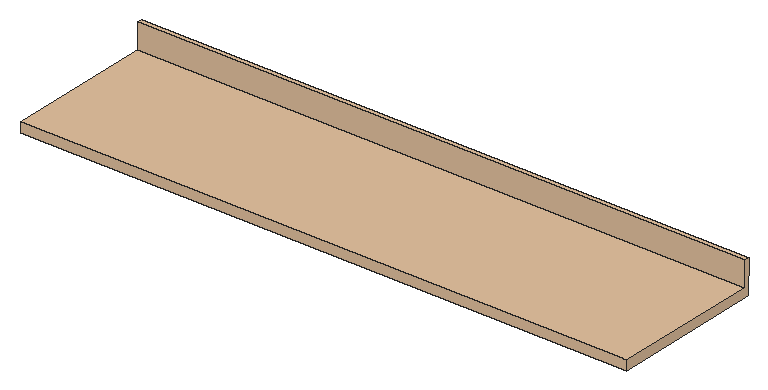
Revit family "Counter Top (NZ)", category 케이스워크, Revit 2026
Family settings
  작업 기준면 기반 = 아니오
  항상 수직 = 예
  로드될 때 보이드를 사용하여 절단 = 아니오
  공유 = 예
  룸 계산 점 = 아니오
Parameters (values of type "600mm Depth")
  기본 높이 = 0 mm
  Counter Thickness = 40 mm
  Counter Top Material = none
  깊이 = 625 mm
  Height [instance] = 900 mm
  Length [instance] = 2500 mm
  Assembly Code = ""
Reference planes
  plane 1 "Back": y = 0
  plane 2: z = 0
  plane 3 "Left": x = -1200.462
  plane 4 "Right": x = 1299.538
  plane 5 "Front": y = -625
  plane 6 "Top": z = 900
  plane 7: z = 860
  plane 8: y = -19.05
  plane 9: z = 1001.6
Forms (mm)
  Extrusion 1, solid, material <- "Counter Top Material"
    sketch origin (0, 0, 0) x (1, 0, 0) y (0, 1, 0)
      loop
        line (-1200.462, 0) -> (-1200.462, -625) -> (1299.538, -625) -> (1299.538, 0) -> (-1200.462, 0)
    from 860 to 900
  Extrusion 2, solid, material <- "Counter Top Material"
    sketch origin (0, 0, 0) x (1, 0, 0) y (0, 1, 0)
      loop
        line (1299.538, 0) -> (-1200.462, 0) -> (-1200.462, -19.05) -> (1299.538, -19.05) -> (1299.538, 0)
    from 900 to 1001.6
Cuts and joins
  joined: Extrusion 1, Extrusion 2
Lines and regions (mm)
  Masking region 1
    outline origin (0, 0, 0) x (1, 0, 0) y (0, 1, 0)
      loop
        line (-1200.462, -625) -> (1299.538, -625) -> (1299.538, 0) -> (-1200.462, 0) -> (-1200.462, -625)
  symbolic lines, style "Casework"
    curve 1: line (-1200.462, -19.05, 0) -> (1299.538, -19.05, 0)
Dimensions and locks
  "깊이": plane 5 "Front" to plane 1 "Back"
  "Length": plane 3 "Left" to plane 4 "Right"
  "Height": level to plane 6 "Top"
  "Counter Thickness": plane 7 to plane 6 "Top"
  locked: plane 8 to plane 1 "Back" at 19.05
  plane 6 "Top" to plane 9 = 101.6 mm
  aligned and locked: plane 1 "Back" to Extrusion 1 sketch curve
  aligned and locked: plane 4 "Right" to Extrusion 1 sketch curve
  aligned and locked: Extrusion 1 sketch curve to plane 5 "Front"
  aligned and locked: Extrusion 1 sketch curve to plane 3 "Left"
  aligned and locked: Extrusion 1 to plane 6 "Top"
  aligned and locked: plane 7 to Extrusion 1
  aligned and locked: Extrusion 2 sketch curve to plane 1 "Back"
  aligned and locked: Extrusion 2 sketch curve to plane 8
  aligned and locked: Extrusion 2 sketch curve to plane 4 "Right"
  aligned and locked: plane 3 "Left" to Extrusion 2 sketch curve
  aligned and locked: Extrusion 2 to plane 9
  aligned and locked: plane 6 "Top" to Extrusion 2
Automatic sketch dimensions
  curve 1 to plane 4 "Right" = 0 mm
  curve 1 to plane 8 = 0 mm
  curve 1 to plane 3 "Left" = 0 mm
  Masking region 1 sketch curve to plane 1 "Back" = 0 mm
  Masking region 1 sketch curve to plane 3 "Left" = 0 mm
  Masking region 1 sketch curve to plane 4 "Right" = 0 mm
  Masking region 1 sketch curve to plane 5 "Front" = 0 mm
